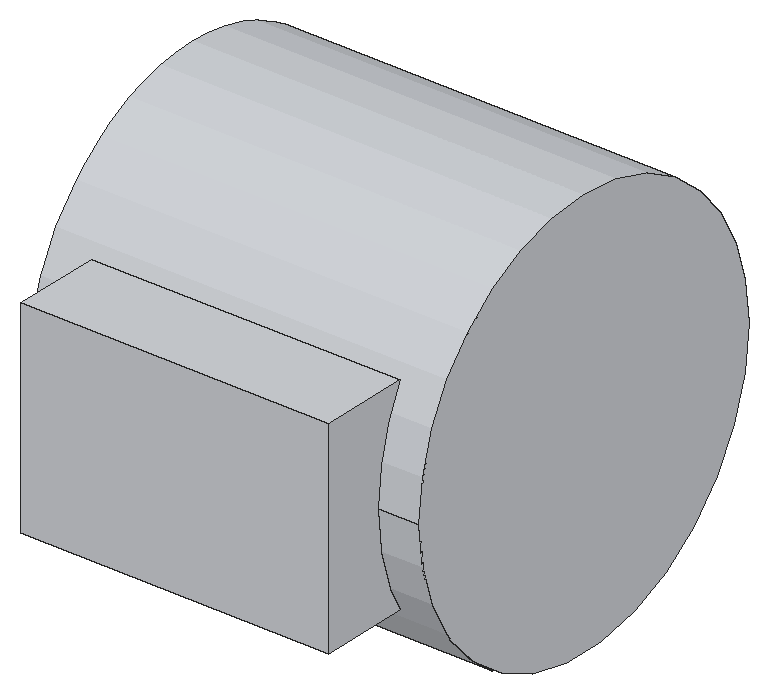
Revit family "M_T redondo para retangular - Transição", category Conexões de duto, Revit 2019
Family settings
  Cota do conector redondo = Usar raio
  Tipo de parte = Tê
  Número OmniClass = 23.75.70.14
  Título OmniClass = Air Ductwork
  ID de item do Seek = Round to Rectangular Tee - Transition-0000-CAN-ENU
  Com base no plano de trabalho = Não
  Sempre na vertical = Sim
  Corte com vazios quando carregada = Não
  Compartilhado = Não
Parameters (values of type "Padrão")
  Comprimento 3 [instance] = Comprimento do duto 2  # 150 mm
  Largura do duto [instance] = 750 mm
  Raio do duto [instance] = 500 mm
  Comprimento do duto 2 [instance] = 150 mm
  Comprimento do duto 1 [instance] = Largura do duto + 200 mm  # 950 mm
  Altura do duto [instance] = 500 mm
  Diâmetro do duto [instance] = 2 * Raio do duto  # 1000 mm
Reference planes
  plane 1 "Centro (Frente/Trás)": y = 0
  plane 2: z = 0
  plane 3 "Centro (Esquerda/Direita)": x = 0
  plane 4: x = -475
  plane 5: x = 475
  plane 6: y = 500
  plane 7: y = -500
  plane 8: y = -650
Forms (mm)
  Sweep 1, solid, detail levels medium+fine
    path in 3D
      loop
        line (-475, 0, 0) -> (475, 0, 0)
    profile origin (0, 0, 0) x (0, 1, 0) y (0, 0, 1)
      loop
        circle (0, 0) r 500
  Sweep 2, solid, detail levels medium+fine
    path in 3D
      loop
        line (0, 0, 0) -> (0, -650, 0)
    profile "M_Perfil do duto retangular : Duto - Retangular" origin (0, -325, 0) x (1, 0, 0) y (0, 0, 1)
      loop
        line (-375, 250) -> (-375, -250) -> (375, -250) -> (375, 250) -> (-375, 250)
Cuts and joins
  joined: Sweep 1, Sweep 2
Lines and regions (mm)
  model lines, detail levels coarse
    curve 1: line (-475, 0, 0) -> (475, 0, 0)
    curve 2: line (0, 0, 0) -> (0, -650, 0)
  sketch lines
    curve 3: line (-475, 0, 0) -> (475, 0, 0)
    curve 4: line (0, 0, 0) -> (0, -650, 0)
Dimensions and locks
  equal spacing: plane 4, plane 3 "Centro (Esquerda/Direita)", plane 5
  "Comprimento do duto 1": plane 4 to plane 5
  "Comprimento 3": plane 7 to plane 8
  equal spacing: plane 6, plane 1 "Centro (Frente/Trás)", plane 7
  "Diâmetro do duto": plane 6 to plane 7
  "Raio do duto": radius of Sweep 1 sketch curve
  aligned and locked: plane 1 "Centro (Frente/Trás)" to curve 1
  aligned and locked: plane 4 to curve 1
  aligned and locked: plane 5 to curve 1
  aligned and locked: curve 2 to plane 3 "Centro (Esquerda/Direita)"
  aligned and locked: plane 8 to curve 2
  aligned and locked: plane 1 "Centro (Frente/Trás)" to curve 2
Automatic sketch dimensions
  Sweep 1 sketch curve to profile plane = 0 mm  (x2)
Connectors
  hvac at (-475, 0, 0), driven by "Raio do duto"
    settings: on Sweep 1, index 1, duct flow 0.0 L/s, flow factor 0, pres drop 0.0 Pa, loss coef 0, conn angle 0.00°, conn width 304.8 mm, conn height 304.8 mm, conn diameter 1000 mm, duct sys type 28, conn prof type 0, flow config 0, flow direction 0, loss method 0, conn ref index 2, conn util no, is conn primary yes, conn desc ""
  hvac at (475, 0, 0), driven by "Raio do duto"
    settings: on Sweep 1, index 2, duct flow 0.0 L/s, flow factor 0, pres drop 0.0 Pa, loss coef 0, conn angle 0.00°, conn width 304.8 mm, conn height 304.8 mm, conn diameter 1000 mm, duct sys type 28, conn prof type 0, flow config 0, flow direction 0, loss method 0, conn ref index 1, conn util no, is conn primary no, conn desc ""
  hvac at (0, -650, 0), driven by "Altura do duto", driven by "Largura do duto"
    settings: on Sweep 2, index 3, duct flow 0.0 L/s, flow factor 0, pres drop 0.0 Pa, loss coef 0, conn angle 0.00°, conn width 750 mm, conn height 500 mm, conn diameter 609.6 mm, duct sys type 28, conn prof type 1, flow config 0, flow direction 0, loss method 0, conn ref index -1, conn util no, is conn primary no, conn desc ""
